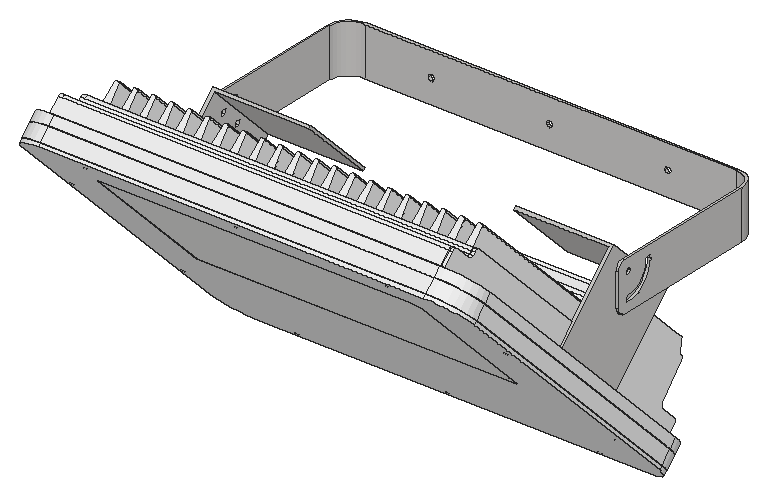
Revit family "FT ATEX LED MAX_2021", category Luminarias, Revit 2021 (continued)
Types (12, lengths in mm): name | Wattage | Power | Position | Archivo de red fotométrica | built-in parameter 1150142 | Modules | Lumens | built-in parameter 1150105 | built-in parameter 1150106 | Equiv MH
  PA104A | 45.1051 W | 48 W | 90.00° | "PA104A.ies" | "IESNA:LM-63-2002\r\n[TEST] 2020-10-2/Converted LDT Editor version 1.3.0.0 - DIAL GmbH (www.dial.de) on 15-09-2020\r\n[TESTLAB] ies2eulumdat.appspot.com\r\n[ISSUEDATE] 2020-10-06T06:26:44.695\r\n[MANUFAC] AIRFAL INTERNATIONAL S.L.\r\n[LUMCAT] PA104A\r\n[LUMINAIRE] LED MAX 50W 7122lm EXTENSIVO\r\n[LAMPCAT] TRIDONIC LED MODULE\r\n[LAMP] TRIDONIC LED MODULE\r\nTILT=NONE\r\n1\t7122\t1\t91\t72\t1\t2\t0.223\t0.100\t0.003\r\n1.0\t1.0\t55.00\r\n0\t 2\t 4\t 6\t 8\t 10\t 12\t 14\t 16\t 18\r\n20\t 22\t 24\t 26\t 28\t 30\t 32\t 34\t 36\t 38\r\n40\t 42\t 44\t 46\t 48\t 50\t 52\t 54\t 56\t 58\r\n60\t 62\t 64\t 66\t 68\t 70\t 72\t 74\t 76\t 78\r\n80\t 82\t 84\t 86\t 88\t 90\t 92\t 94\t 96\t 98\r\n100\t 102\t 104\t 106\t 108\t 110\t 112\t 114\t 116\t 118\r\n120\t 122\t 124\t 126\t 128\t 130\t 132\t 134\t 136\t 138\r\n140\t 142\t 144\t 146\t 148\t 150\t 152\t 154\t 156\t 158\r\n160\t 162\t 164\t 166\t 168\t 170\t 172\t 174\t 176\t 178\r\n180\r\n0\t 5\t 10\t 15\t 20\t 25\t 30\t 35\t 40\t 45\r\n50\t 55\t 60\t 65\t 70\t 75\t 80\t 85\t 90\t 95\r\n100\t 105\t 110\t 115\t 120\t 125\t 130\t 135\t 140\t 145\r\n150\t 155\t 160\t 165\t 170\t 175\t 180\t 185\t 190\t 195\r\n200\t 205\t 210\t 215\t 220\t 225\t 230\t 235\t 240\t 245\r\n250\t 255\t 260\t 265\t 270\t 275\t 280\t 285\t 290\t 295\r\n300\t 305\t 310\t 315\t 320\t 325\t 330\t 335\t 340\t 345\r\n350\t 355\r\n535.9305\t536.7139\t538.352\t543.8359\t547.8955\t556.6555\t563.2078\t570.8283\t576.3122\t581.7962\r\n587.2089\t592.1231\t600.0285\t609.572\t625.9526\t644.8259\t666.0494\t686.8457\t708.639\t732.1416\r\n756.4276\t784.2034\t815.0417\t844.0282\t878.3563\t915.4619\t959.6895\t1013.7455\t1086.0338\t1178.8334\r\n1281.96\t1394.1315\t1508.1547\t1630.1546\t1757.2823\t1858.842\t1902.7135\t1862.3318\t1693.754\t1415.1414\r\n1075.9205\t739.7621\t503.1693\t340.0043\t240.6524\t176.8393\t0\t0\t0\t0\r\n0\t0\t0\t0\t0\t0\t0\t0\t0\t0\r\n0\t0\t0\t0\t0\t0\t0\t0\t0\t0\r\n0\t0\t0\t0\t0\t0\t0\t0\t0\t0\r\n0\t0\t0\t0\t0\t0\t0\t0\t0\t0\r\n0\r\n534.15\t535.3607\t537.5686\t542.1979\t547.5394\t554.4477\t561.8546\t568.1219\t573.7483\t579.7308\r\n585.7133\t591.9806\t600.0285\t610.9964\t627.3058\t646.6064\t667.8299\t688.4837\t709.6361\t731.287\r\n755.8579\t783.2776\t813.8309\t843.6009\t877.5728\t915.8892\t960.7578\t1017.3777\t1090.5206\t1183.0354\r\n1287.8\t1399.8291\t1515.4192\t1637.2766\t1763.336\t1859.7679\t1899.2237\t1855.1386\t1686.2047\t1410.6545\r\n1074.9947\t746.0295\t512.9977\t352.3966\t243.5724\t178.4773\t0\t0\t0\t0\r\n0\t0\t0\t0\t0\t0\t0\t0\t0\t0\r\n0\t0\t0\t0\t0\t0\t0\t0\t0\t0\r\n0\t0\t0\t0\t0\t0\t0\t0\t0\t0\r\n0\t0\t0\t0\t0\t0\t0\t0\t0\t0\r\n0\r\n532.3695\t534.0076\t536.7139\t540.5598\t547.112\t552.3111\t560.5014\t565.4156\t571.1132\t577.6654\r\n584.2177\t591.8382\t600.0285\t612.3496\t628.7302\t648.3157\t669.6104\t690.1218\t710.5619\t730.5035\r\n755.2881\t782.3517\t812.6202\t843.1736\t876.7182\t916.3165\t961.8973\t1021.0811\t1095.0075\t1187.2374\r\n1293.7113\t1405.5979\t1522.6124\t1644.3274\t1769.3185\t1860.6937\t1895.6627\t1847.8741\t1678.7266\t1406.0965\r\n1073.9976\t752.2969\t522.826\t364.8601\t246.4212\t180.1154\t0\t0\t0\t0\r\n0\t0\t0\t0\t0\t0\t0\t0\t0\t0\r\n0\t0\t0\t0\t0\t0\t0\t0\t0\t0\r\n0\t0\t0\t0\t0\t0\t0\t0\t0\t0\r\n0\t0\t0\t0\t0\t0\t0\t0\t0\t0\r\n0\r\n531.5861\t533.3666\t536.3578\t540.8447\t546.5423\t552.8096\t559.7892\t565.558\t571.3981\t577.3805\r\n584.0752\t591.3397\t600.4558\t611.7798\t627.7331\t646.6776\t666.9041\t687.6291\t707.998\t730.8596\r\n755.573\t783.2776\t813.3324\t844.0994\t879.0685\t917.8121\t964.0339\t1024.0724\t1100.7763\t1193.9321\r\n1302.1865\t1415.1414\t1529.3071\t1649.9537\t1772.737\t1865.1094\t1896.3037\t1848.159\t1683.6408\t1406.6662\r\n1068.3\t737.4119\t500.7478\t344.6336\t241.3646\t177.3378\t0\t0\t0\t0\r\n0\t0\t0\t0\t0\t0\t0\t0\t0\t0\r\n0\t0\t0\t0\t0\t0\t0\t0\t0\t0\r\n0\t0\t0\t0\t0\t0\t0\t0\t0\t0\r\n0\t0\t0\t0\t0\t0\t0\t0\t0\t0\r\n0\r\n530.7314\t532.6544\t535.9305\t541.1296\t546.0437\t553.3794\t559.1482\t565.7005\t571.6829\t577.0957\r\n583.9328\t590.7699\t600.8831\t611.21\t626.8072\t645.0395\t664.1977\t685.2076\t705.3629\t731.287\r\n755.8579\t784.2034\t813.9734\t845.0965\t881.3475\t919.3078\t966.2417\t1027.0636\t1106.4739\t1200.6268\r\n1310.5904\t1424.6849\t1536.0017\t1655.5089\t1776.1556\t1869.4538\t1897.0159\t1848.4439\t1688.555\t1407.236\r\n1062.6024\t722.5981\t478.5984\t324.4783\t236.308\t174.6314\t0\t0\t0\t0\r\n0\t0\t0\t0\t0\t0\t0\t0\t0\t0\r\n0\t0\t0\t0\t0\t0\t0\t0\t0\t0\r\n0\t0\t0\t0\t0\t0\t0\t0\t0\t0\r\n0\t0\t0\t0\t0\t0\t0\t0\t0\t0\r\n0\r\n530.0905\t532.5119\t535.6456\t541.1296\t546.0437\t552.9521\t559.6468\t565.7005\t572.3239\t577.523\r\n585.0723\t592.408\t601.3817\t612.3496\t626.2375\t643.1878\t661.2065\t680.9344\t701.1609\t724.3074\r\n748.7359\t775.7995\t805.7831\t837.1911\t873.5845\t914.1087\t961.0427\t1023.4314\t1102.5568\t1196.9945\r\n1305.6763\t1420.6966\t1535.2183\t1654.7255\t1775.5858\t1871.804\t1907.1292\t1857.0615\t1696.318\t1416.0673\r\n1062.0326\t712.7698\t468.4139\t317.2139\t231.5362\t171.3553\t0\t0\t0\t0\r\n0\t0\t0\t0\t0\t0\t0\t0\t0\t0\r\n0\t0\t0\t0\t0\t0\t0\t0\t0\t0\r\n0\t0\t0\t0\t0\t0\t0\t0\t0\t0\r\n0\t0\t0\t0\t0\t0\t0\t0\t0\t0\r\n0\r\n529.3783\t532.3695\t535.3607\t541.1296\t546.0437\t552.596\t560.2165\t565.7005\t573.0361\t577.9503\r\n586.1406\t594.046\t601.9514\t613.4179\t625.6677\t641.2649\t658.144\t676.7324\t696.8877\t717.3991\r\n741.6851\t767.3243\t797.5928\t829.2857\t865.8215\t908.9096\t955.8436\t1019.728\t1098.5685\t1193.2911\r\n1300.7621\t1416.7795\t1534.3637\t1653.8708\t1775.0161\t1874.0831\t1917.2424\t1865.6079\t1704.0809\t1424.9698\r\n1061.4629\t702.9414\t458.1583\t309.9494\t226.7645\t168.0792\t0\t0\t0\t0\r\n0\t0\t0\t0\t0\t0\t0\t0\t0\t0\r\n0\t0\t0\t0\t0\t0\t0\t0\t0\t0\r\n0\t0\t0\t0\t0\t0\t0\t0\t0\t0\r\n0\t0\t0\t0\t0\t0\t0\t0\t0\t0\r\n0\r\n529.5207\t532.3695\t535.9305\t541.4144\t546.8272\t552.9521\t560.7863\t566.3414\t573.4634\t579.3035\r\n586.924\t594.8294\t602.2363\t612.8481\t624.5994\t639.7693\t655.865\t674.1685\t694.7511\t716.2595\r\n739.7621\t765.8287\t795.4562\t826.0096\t861.6196\t903.212\t950.0036\t1012.4635\t1090.3782\t1185.2432\r\n1293.4264\t1410.3697\t1528.0963\t1649.6689\t1774.5175\t1878.2138\t1926.3586\t1883.128\t1728.0821\t1444.6265\r\n1070.2229\t700.3063\t452.8168\t306.3172\t225.2689\t169.0763\t0\t0\t0\t0\r\n0\t0\t0\t0\t0\t0\t0\t0\t0\t0\r\n0\t0\t0\t0\t0\t0\t0\t0\t0\t0\r\n0\t0\t0\t0\t0\t0\t0\t0\t0\t0\r\n0\t0\t0\t0\t0\t0\t0\t0\t0\t0\r\n0\r\n529.6631\t532.3695\t536.5003\t541.6281\t547.6818\t553.3794\t561.2848\t567.0536\t573.8195\t580.6567\r\n587.7787\t595.6841\t602.5212\t612.3496\t623.5311\t638.2736\t653.5147\t671.5334\t692.5433\t715.1912\r\n737.8392\t764.333\t793.2484\t822.7334\t857.3464\t897.5144\t944.1635\t1005.2703\t1082.1879\t1177.1954\r\n1286.0195\t1403.9599\t1521.829\t1645.3957\t1773.9478\t1882.2734\t1935.4747\t1900.5769\t1752.1544\t1464.212\r\n1078.9118\t697.7423\t447.5465\t302.6138\t223.7732\t170.0021\t0\t0\t0\t0\r\n0\t0\t0\t0\t0\t0\t0\t0\t0\t0\r\n0\t0\t0\t0\t0\t0\t0\t0\t0\t0\r\n0\t0\t0\t0\t0\t0\t0\t0\t0\t0\r\n0\t0\t0\t0\t0\t0\t0\t0\t0\t0\r\n0\r\n530.4466\t532.6544\t537.2837\t542.6252\t548.3228\t554.7326\t561.7121\t568.2644\t574.9591\t582.0098\r\n589.2743\t596.3963\t604.3017\t613.4179\t625.0267\t637.2766\t652.5889\t668.9695\t688.8398\t710.2771\r\n733.2099\t759.4189\t787.9069\t817.6768\t852.2897\t893.6686\t941.1723\t1000.7834\t1078.4132\t1172.7797\r\n1281.3902\t1399.8291\t1519.906\t1645.5381\t1776.298\t1889.3954\t1945.4455\t1916.1029\t1771.7399\t1482.0882\r\n1084.2533\t693.113\t444.6265\t296.7737\t220.782\t167.1533\t0\t0\t0\t0\r\n0\t0\t0\t0\t0\t0\t0\t0\t0\t0\r\n0\t0\t0\t0\t0\t0\t0\t0\t0\t0\r\n0\t0\t0\t0\t0\t0\t0\t0\t0\t0\r\n0\t0\t0\t0\t0\t0\t0\t0\t0\t0\r\n0\r\n531.3012\t532.9393\t538.1383\t543.551\t549.035\t556.0858\t562.1395\t569.4751\t576.0274\t583.4342\r\n590.7699\t597.0373\t606.0822\t614.4862\t626.5223\t636.3507\t651.5918\t666.3343\t685.2076\t705.3629\r\n728.5806\t754.5047\t782.6366\t812.6202\t847.3043\t889.8227\t938.1098\t996.2966\t1074.5674\t1168.4353\r\n1276.7609\t1395.7696\t1517.9831\t1645.6805\t1778.5771\t1896.4462\t1955.4163\t1931.7001\t1791.3967\t1499.9644\r\n1089.5948\t688.4837\t441.7777\t290.8625\t217.7195\t164.3045\t0\t0\t0\t0\r\n0\t0\t0\t0\t0\t0\t0\t0\t0\t0\r\n0\t0\t0\t0\t0\t0\t0\t0\t0\t0\r\n0\t0\t0\t0\t0\t0\t0\t0\t0\t0\r\n0\t0\t0\t0\t0\t0\t0\t0\t0\t0\r\n0\r\n531.1588\t533.0817\t538.1383\t543.4086\t549.035\t556.5131\t562.4956\t570.1873\t576.7396\t583.6479\r\n591.0548\t597.7495\t606.4383\t614.4862\t625.454\t635.4961\t650.0962\t664.3402\t682.2164\t702.799\r\n725.5894\t751.6559\t779.3605\t810.2699\t844.8116\t886.2617\t934.6201\t995.0146\t1073.6415\t1168.008\r\n1275.4078\t1394.1315\t1516.2026\t1643.1166\t1775.8707\t1894.1671\t1954.5617\t1929.4922\t1787.622\t1492.7712\r\n1081.9742\t685.5637\t439.5698\t294.4235\t219.5\t165.9426\t0\t0\t0\t0\r\n0\t0\t0\t0\t0\t0\t0\t0\t0\t0\r\n0\t0\t0\t0\t0\t0\t0\t0\t0\t0\r\n0\t0\t0\t0\t0\t0\t0\t0\t0\t0\r\n0\t0\t0\t0\t0\t0\t0\t0\t0\t0\r\n0\r\n531.0163\t533.2241\t538.1383\t543.2662\t549.035\t556.9404\t562.9229\t570.8283\t577.3805\t583.9328\r\n591.3397\t598.3904\t606.8656\t614.4862\t624.3145\t634.7126\t648.6005\t662.2748\t679.1539\t700.1638\r\n722.5981\t748.7359\t776.0843\t807.9909\t842.3902\t882.7719\t931.0591\t993.8039\t1072.6444\t1167.6519\r\n1274.0546\t1392.4934\t1514.4221\t1640.4815\t1773.1643\t1891.8169\t1953.7783\t1927.2844\t1783.7761\t1485.5068\r\n1074.2825\t682.7149\t437.4332\t297.9845\t221.2805\t167.5094\t0\t0\t0\t0\r\n0\t0\t0\t0\t0\t0\t0\t0\t0\t0\r\n0\t0\t0\t0\t0\t0\t0\t0\t0\t0\r\n0\t0\t0\t0\t0\t0\t0\t0\t0\t0\r\n0\t0\t0\t0\t0\t0\t0\t0\t0\t0\r\n0\r\n530.4466\t533.4378\t537.8534\t543.4086\t549.4623\t556.798\t563.2078\t570.5434\t577.3805\t583.6479\r\n591.3397\t598.3904\t606.4383\t614.9135\t624.1721\t634.5702\t647.6747\t661.8475\t678.7978\t699.5228\r\n721.7435\t747.3827\t775.3721\t805.4982\t841.5355\t882.0597\t931.5576\t994.7297\t1074.4249\t1170.5007\r\n1278.6839\t1396.1257\t1518.1255\t1644.1849\t1776.939\t1895.8052\t1955.2739\t1921.4444\t1774.8024\t1474.3252\r\n1069.9381\t683.2847\t441.6352\t302.3289\t225.1264\t170.928\t0\t0\t0\t0\r\n0\t0\t0\t0\t0\t0\t0\t0\t0\t0\r\n0\t0\t0\t0\t0\t0\t0\t0\t0\t0\r\n0\t0\t0\t0\t0\t0\t0\t0\t0\t0\r\n0\t0\t0\t0\t0\t0\t0\t0\t0\t0\r\n0\r\n529.948\t533.7227\t537.5686\t543.551\t549.8184\t556.6555\t563.4926\t570.3298\t577.3805\t583.4342\r\n591.3397\t598.3904\t606.0822\t615.3408\t624.0296\t634.4278\t646.6776\t661.4201\t678.3705\t698.8106\r\n720.9601\t746.0295\t774.6599\t803.0767\t840.7521\t881.3475\t932.1274\t995.7268\t1076.2054\t1173.3495\r\n1283.3132\t1399.8291\t1521.829\t1647.8884\t1780.7849\t1899.7223\t1956.7695\t1915.6043\t1765.7575\t1463.1437\r\n1065.5936\t683.8544\t445.9084\t306.7445\t228.9723\t174.3466\t0\t0\t0\t0\r\n0\t0\t0\t0\t0\t0\t0\t0\t0\t0\r\n0\t0\t0\t0\t0\t0\t0\t0\t0\t0\r\n0\t0\t0\t0\t0\t0\t0\t0\t0\t0\r\n0\t0\t0\t0\t0\t0\t0\t0\t0\t0\r\n0\r\n529.6631\t533.4378\t537.711\t543.2662\t549.9608\t556.2282\t563.6351\t570.0449\t577.0244\t582.8645\r\n590.485\t597.7495\t605.37\t614.9135\t624.0296\t635.2824\t647.8171\t662.9158\t680.151\t700.4487\r\n723.3815\t748.0949\t775.7995\t805.3558\t842.5326\t884.6236\t935.4035\t999.4303\t1078.9118\t1174.9876\r\n1284.1678\t1401.752\t1523.6095\t1650.5947\t1785.6991\t1903.853\t1956.9119\t1907.5565\t1752.7954\t1452.5319\r\n1060.1097\t685.8486\t448.8997\t309.3085\t231.3938\t175.6285\t0\t0\t0\t0\r\n0\t0\t0\t0\t0\t0\t0\t0\t0\t0\r\n0\t0\t0\t0\t0\t0\t0\t0\t0\t0\r\n0\t0\t0\t0\t0\t0\t0\t0\t0\t0\r\n0\t0\t0\t0\t0\t0\t0\t0\t0\t0\r\n0\r\n529.3783\t533.2241\t537.8534\t543.0525\t550.1033\t555.8721\t563.7775\t569.76\t576.5971\t582.2947\r\n589.7016\t597.0373\t604.6578\t614.4862\t624.0296\t636.0658\t648.8854\t664.4826\t681.9315\t702.0868\r\n725.8742\t750.1603\t776.8678\t807.706\t844.2419\t887.8997\t938.6796\t1003.0625\t1081.6894\t1176.6256\r\n1284.9512\t1403.675\t1525.39\t1653.3723\t1790.6132\t1907.9126\t1957.0544\t1899.4374\t1739.8334\t1441.8489\r\n1054.6258\t687.914\t451.8909\t311.8724\t233.8865\t176.8393\t0\t0\t0\t0\r\n0\t0\t0\t0\t0\t0\t0\t0\t0\t0\r\n0\t0\t0\t0\t0\t0\t0\t0\t0\t0\r\n0\t0\t0\t0\t0\t0\t0\t0\t0\t0\r\n0\t0\t0\t0\t0\t0\t0\t0\t0\t0\r\n0\r\n529.8056\t532.6544\t537.5686\t542.6252\t549.3199\t556.0145\t563.0653\t569.4751\t575.4576\t581.3689\r\n588.5621\t596.3963\t604.4441\t613.5603\t624.3145\t636.2083\t650.5235\t666.7616\t685.0652\t706.2175\r\n729.6489\t755.2881\t782.3517\t813.3324\t849.4409\t892.0305\t942.8816\t1005.9825\t1085.2504\t1179.1895\r\n1288.5122\t1405.954\t1527.669\t1656.2211\t1795.1001\t1915.9604\t1963.1793\t1901.6452\t1736.9846\t1437.5045\r\n1052.774\t686.2759\t452.3182\t311.089\t232.747\t175.9846\t0\t0\t0\t0\r\n0\t0\t0\t0\t0\t0\t0\t0\t0\t0\r\n0\t0\t0\t0\t0\t0\t0\t0\t0\t0\r\n0\t0\t0\t0\t0\t0\t0\t0\t0\t0\r\n0\t0\t0\t0\t0\t0\t0\t0\t0\t0\r\n0\r\n530.1617\t532.0846\t537.2837\t542.1979\t548.4652\t556.0858\t562.4243\t569.1902\t574.3893\t580.3718\r\n587.4938\t595.6841\t604.1593\t612.6344\t624.5994\t636.3507\t652.1615\t669.1119\t688.1989\t710.2771\r\n733.4948\t760.4872\t787.7644\t818.8876\t854.64\t896.09\t947.1548\t1008.8313\t1088.7401\t1181.8247\r\n1292.0732\t1408.3043\t1530.0193\t1659.0699\t1799.587\t1924.0083\t1969.3042\t1903.853\t1734.1358\t1433.1601\r\n1050.8511\t684.6379\t452.6743\t310.2343\t231.6787\t175.2012\t0\t0\t0\t0\r\n0\t0\t0\t0\t0\t0\t0\t0\t0\t0\r\n0\t0\t0\t0\t0\t0\t0\t0\t0\t0\r\n0\t0\t0\t0\t0\t0\t0\t0\t0\t0\r\n0\t0\t0\t0\t0\t0\t0\t0\t0\t0\r\n0\r\n530.1617\t531.9422\t537.1412\t541.913\t548.3228\t555.3023\t561.5697\t568.2644\t573.7483\t580.0157\r\n586.5679\t594.8294\t603.3046\t612.2071\t624.3145\t637.419\t654.0845\t671.1061\t691.0477\t712.7698\r\n736.7709\t763.9057\t791.4679\t822.7334\t858.4859\t900.0784\t949.5763\t1010.8255\t1088.8826\t1180.97\r\n1291.0762\t1406.0965\t1526.4583\t1654.4406\t1792.2513\t1916.1029\t1965.672\t1909.1945\t1741.1866\t1439.0001\r\n1052.3467\t685.5637\t451.606\t309.166\t230.4679\t174.7739\t0\t0\t0\t0\r\n0\t0\t0\t0\t0\t0\t0\t0\t0\t0\r\n0\t0\t0\t0\t0\t0\t0\t0\t0\t0\r\n0\t0\t0\t0\t0\t0\t0\t0\t0\t0\r\n0\t0\t0\t0\t0\t0\t0\t0\t0\t0\r\n0\r\n530.1617\t531.7997\t536.9988\t541.6281\t548.1803\t554.4477\t560.7863\t567.3385\t573.0361\t579.5884\r\n585.5708\t594.046\t602.5212\t611.7798\t624.0296\t638.5585\t656.0074\t673.1714\t693.8965\t715.1912\r\n740.047\t767.3243\t795.1713\t826.5081\t862.2605\t903.9955\t952.069\t1012.8908\t1089.025\t1180.1866\r\n1290.1503\t1403.9599\t1522.8973\t1649.8113\t1784.8444\t1908.1975\t1961.9686\t1914.4648\t1748.3086\t1444.8401\r\n1053.8423\t686.5608\t450.5377\t308.0977\t229.186\t174.3466\t0\t0\t0\t0\r\n0\t0\t0\t0\t0\t0\t0\t0\t0\t0\r\n0\t0\t0\t0\t0\t0\t0\t0\t0\t0\r\n0\t0\t0\t0\t0\t0\t0\t0\t0\t0\r\n0\t0\t0\t0\t0\t0\t0\t0\t0\t0\r\n0\r\n530.0905\t531.9422\t536.5003\t541.4144\t547.2545\t553.6643\t559.3619\t566.4839\t571.6829\t578.2352\r\n584.645\t592.6928\t601.168\t609.9993\t623.3887\t637.8463\t655.7225\t674.0261\t695.8194\t718.4674\r\n743.4656\t771.3126\t799.5157\t829.7842\t864.8957\t904.2803\t951.6416\t1012.1074\t1088.2416\t1179.1183\r\n1287.0166\t1400.2564\t1517.9831\t1642.4044\t1771.099\t1889.3954\t1944.8045\t1907.7701\t1747.7388\t1448.2587\r\n1057.1185\t688.6974\t453.6714\t311.2314\t232.2484\t176.2695\t0\t0\t0\t0\r\n0\t0\t0\t0\t0\t0\t0\t0\t0\t0\r\n0\t0\t0\t0\t0\t0\t0\t0\t0\t0\r\n0\t0\t0\t0\t0\t0\t0\t0\t0\t0\r\n0\t0\t0\t0\t0\t0\t0\t0\t0\t0\r\n0\r\n529.948\t532.0846\t535.9305\t541.1296\t546.2574\t552.8096\t558.0087\t565.7005\t570.3298\t576.882\r\n583.6479\t591.3397\t599.7436\t608.2188\t622.6765\t637.1341\t655.4377\t674.8095\t697.7423\t721.7435\r\n746.8841\t775.2297\t803.8601\t833.0603\t867.4596\t904.5652\t951.2143\t1011.2528\t1087.387\t1177.9788\r\n1283.8829\t1396.553\t1513.0689\t1635.0688\t1757.2823\t1870.5221\t1927.5693\t1901.0755\t1747.2403\t1451.6773\r\n1060.3946\t690.9052\t456.8051\t314.3651\t235.2397\t178.1924\t0\t0\t0\t0\r\n0\t0\t0\t0\t0\t0\t0\t0\t0\t0\r\n0\t0\t0\t0\t0\t0\t0\t0\t0\t0\r\n0\t0\t0\t0\t0\t0\t0\t0\t0\t0\r\n0\t0\t0\t0\t0\t0\t0\t0\t0\t0\r\n0\r\n529.948\t531.9422\t535.7881\t540.2749\t545.474\t551.4565\t557.2253\t564.0624\t569.4751\t576.0274\r\n582.1523\t590.0577\t598.0343\t607.9339\t621.1808\t636.6356\t656.0074\t676.0202\t698.5258\t723.0967\r\n748.7359\t777.4375\t805.9255\t835.9804\t869.8099\t907.9838\t954.1343\t1013.7455\t1088.8826\t1180.0442\r\n1285.8059\t1397.7637\t1513.2113\t1631.3653\t1747.8812\t1853.3581\t1909.4082\t1886.9027\t1739.4061\t1449.7543\r\n1063.8131\t699.9502\t465.4939\t321.9856\t241.7919\t184.0325\t0\t0\t0\t0\r\n0\t0\t0\t0\t0\t0\t0\t0\t0\t0\r\n0\t0\t0\t0\t0\t0\t0\t0\t0\t0\r\n0\t0\t0\t0\t0\t0\t0\t0\t0\t0\r\n0\t0\t0\t0\t0\t0\t0\t0\t0\t0\r\n0\r\n529.948\t531.7997\t535.6456\t539.4915\t544.6906\t550.1033\t556.3706\t562.4243\t568.6917\t575.2439\r\n580.6567\t588.847\t596.2538\t607.7203\t619.6852\t636.0658\t656.506\t677.3022\t699.3804\t724.4498\r\n750.6588\t779.5741\t807.9909\t838.8292\t872.0889\t911.4023\t956.9831\t1016.167\t1090.3782\t1182.1096\r\n1287.6576\t1399.0457\t1513.3538\t1627.6619\t1738.4802\t1836.194\t1891.3183\t1872.7299\t1731.6431\t1447.9026\r\n1067.2317\t708.9239\t474.254\t329.6062\t248.3441\t189.9437\t0\t0\t0\t0\r\n0\t0\t0\t0\t0\t0\t0\t0\t0\t0\r\n0\t0\t0\t0\t0\t0\t0\t0\t0\t0\r\n0\t0\t0\t0\t0\t0\t0\t0\t0\t0\r\n0\t0\t0\t0\t0\t0\t0\t0\t0\t0\r\n0\r\n529.6631\t531.7997\t535.2183\t539.2066\t544.1208\t549.3199\t555.5872\t560.9999\t567.6946\t573.7483\r\n579.0186\t587.2089\t594.046\t605.5124\t618.0472\t635.3536\t655.4377\t677.3022\t700.4487\t725.7318\r\n752.4393\t780.1439\t809.4865\t839.4701\t873.2996\t912.898\t959.1197\t1018.2323\t1091.8026\t1182.7505\r\n1286.7317\t1396.4105\t1507.3713\t1618.6882\t1729.8626\t1824.5852\t1875.7211\t1854.7112\t1714.6215\t1436.2937\r\n1064.3117\t712.6273\t478.5984\t332.8823\t250.1959\t190.4423\t0\t0\t0\t0\r\n0\t0\t0\t0\t0\t0\t0\t0\t0\t0\r\n0\t0\t0\t0\t0\t0\t0\t0\t0\t0\r\n0\t0\t0\t0\t0\t0\t0\t0\t0\t0\r\n0\t0\t0\t0\t0\t0\t0\t0\t0\t0\r\n0\r\n529.3783\t531.7997\t534.8622\t538.9217\t543.551\t548.4652\t554.7326\t559.6468\t566.7688\t572.1815\r\n577.3805\t585.5708\t591.8382\t603.3046\t616.4091\t634.7126\t654.3694\t677.3022\t701.5882\t726.9425\r\n754.2198\t780.7136\t810.9821\t840.1823\t874.5816\t914.3936\t961.3276\t1020.2977\t1093.1558\t1183.4627\r\n1285.8059\t1393.8466\t1501.3176\t1609.7144\t1721.3162\t1812.9763\t1860.1952\t1836.6926\t1697.5287\t1424.6849\r\n1061.4629\t716.2595\t483.014\t336.1584\t252.1188\t191.012\t0\t0\t0\t0\r\n0\t0\t0\t0\t0\t0\t0\t0\t0\t0\r\n0\t0\t0\t0\t0\t0\t0\t0\t0\t0\r\n0\t0\t0\t0\t0\t0\t0\t0\t0\t0\r\n0\t0\t0\t0\t0\t0\t0\t0\t0\t0\r\n0\r\n529.948\t531.3012\t534.8622\t538.2095\t542.9101\t547.8955\t553.5218\t558.8633\t564.4185\t570.1873\r\n574.9591\t582.2947\t588.9894\t600.4558\t614.4862\t632.7897\t653.5147\t676.4476\t700.0926\t725.9455\r\n752.012\t780.1439\t809.3441\t839.2565\t875.0801\t914.3936\t962.2534\t1021.2236\t1094.6514\t1184.0325\r\n1284.9512\t1391.9237\t1498.4688\t1607.7915\t1718.3962\t1809.1304\t1850.0819\t1817.1783\t1673.5276\t1403.5325\r\n1050.2813\t714.5503\t484.8658\t336.5857\t251.8339\t190.2998\t0\t0\t0\t0\r\n0\t0\t0\t0\t0\t0\t0\t0\t0\t0\r\n0\t0\t0\t0\t0\t0\t0\t0\t0\t0\r\n0\t0\t0\t0\t0\t0\t0\t0\t0\t0\r\n0\t0\t0\t0\t0\t0\t0\t0\t0\t0\r\n0\r\n530.4466\t530.7314\t534.8622\t537.5686\t542.1979\t547.3969\t552.3111\t558.0087\t562.1395\t568.1219\r\n572
